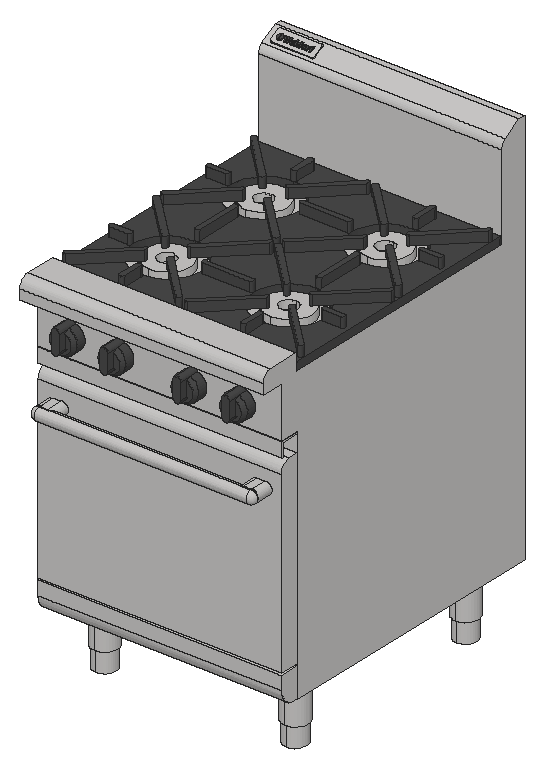
Revit family "QF_MOFFAT WALDORF_RN8410G", category Specialty Equipment, Revit 2012 (continued)
Automatic sketch dimensions
  curve 67 to curve 86 = 28.66 mm
  curve 70 to curve 93 = 28.66 mm
  curve 69 to curve 100 = 29.184 mm
  curve 68 to curve 92 = 29.184 mm
  curve 92 to curve 99 = 27.087 mm
  curve 86 to curve 88 = 28.206 mm
  curve 93 to curve 95 = 28.206 mm
  curve 100 to curve 69 = 27.816 mm
  curve 92 to curve 68 = 27.816 mm
  curve 70 to curve 96 = 27.613 mm
  curve 68 to curve 89 = 27.613 mm
  curve 69 to curve 97 = 28.14 mm
  curve 67 to curve 90 = 28.14 mm
  curve 70 to curve 98 = 27.732 mm
  curve 67 to curve 91 = 27.732 mm
  plane 8 "Center X" to curve 89 = 7.148 mm
  plane 8 "Center X" to curve 96 = 7.148 mm
  plane 8 "Center X" to curve 97 = 7.939 mm
  plane 8 "Center X" to curve 90 = 7.939 mm
  plane 8 "Center X" to curve 98 = 11.923 mm
  curve 91 to curve 76 = 6.153 mm
  curve 89 to curve 102 = 7.852 mm
  curve 98 to curve 83 = 6.153 mm
  curve 97 to curve 82 = 14.122 mm
  curve 90 to curve 75 = 14.122 mm
  curve 102 to curve 81 = 7.852 mm
  curve 102 to curve 74 = 7.852 mm
  curve 76 to curve 76 = 61.923 mm
  curve 83 to curve 83 = 61.923 mm
  curve 83 to curve 65 = 28 mm
  curve 76 to curve 63 = 28 mm
  curve 65 to curve 82 = 28.86 mm
  curve 64 to curve 75 = 28.86 mm
  curve 66 to curve 81 = 29.387 mm
  curve 63 to curve 74 = 29.387 mm
  curve 75 to curve 63 = 28.14 mm
  curve 82 to curve 66 = 28.14 mm
  curve 74 to curve 73 = 27.747 mm
  curve 81 to curve 80 = 27.747 mm
  curve 75 to curve 84 = 28.869 mm
  curve 65 to curve 85 = 27.816 mm
  curve 64 to curve 77 = 27.816 mm
  curve 63 to curve 71 = 28.34 mm
  curve 66 to curve 78 = 28.34 mm
  curve 63 to curve 72 = 28 mm
  curve 65 to curve 79 = 28 mm
  plane 11 to curve 78 = 6.034 mm
  plane 11 to curve 71 = 6.034 mm
  plane 11 to curve 77 = 6.427 mm
  plane 11 to curve 85 = 6.427 mm
  plane 11 to curve 72 = 8.67 mm
  plane 11 to curve 79 = 8.67 mm
  curve 71 to curve 101 = 23.966 mm
  curve 101 to curve 7 = 18.766 mm
  curve 10 to curve 41 = 19.218 mm
  plane 11 to curve 54 = 49.218 mm
  plane 11 to curve 29 = 49.218 mm
  curve 51 to curve 55 = 0 mm
  curve 25 to curve 28 = 0 mm
  curve 7 to curve 18 = 0.452 mm
  curve 55 to curve 59 = 0 mm
  curve 48 to curve 51 = 0 mm
  curve 21 to curve 24 = 0 mm
  curve 10 to curve 33 = 19.218 mm
  curve 46 to curve 47 = 0 mm
  curve 7 to curve 14 = 0.452 mm
  curve 38 to curve 41 = 0 mm
  plane 1 "BACK" to curve 62 = 20.984 mm
  curve 58 to curve 61 = 0 mm
  plane 1 "BACK" to curve 54 = 20.984 mm
  plane 1 "BACK" to curve 50 = 20.984 mm
  curve 46 to curve 49 = 0 mm
  plane 1 "BACK" to curve 42 = 20.984 mm
  curve 38 to curve 39 = 0 mm
  curve 34 to curve 35 = 0 mm
  curve 30 to curve 31 = 0 mm
  curve 26 to curve 27 = 0 mm
  plane 1 "BACK" to curve 22 = 20.984 mm
  curve 17 to curve 19 = 0 mm
  curve 13 to curve 15 = 0 mm
  curve 11 to curve 6 = 0.026 mm
  Extrusion 8 sketch curve to Extrusion 7 = 22.602 mm  (x4)
  Extrusion 8 sketch curve to Extrusion 7 = 25.296 mm  (x4)
  Extrusion 8 sketch curve to Extrusion 8 sketch curve = 4.525 mm  (x32)
  Extrusion 8 sketch curve to Extrusion 8 sketch curve = 51.204 mm  (x2)
  Extrusion 8 sketch curve to Extrusion 8 sketch curve = 54.025 mm  (x4)
  Extrusion 8 sketch curve to Extrusion 8 sketch curve = 0 mm  (x11)
  Extrusion 8 sketch curve to Extrusion 8 sketch curve = 20.524 mm  (x8)
  Extrusion 8 sketch curve to Extrusion 7 = 15.898 mm  (x2)
  Extrusion 8 sketch curve to Extrusion 8 sketch curve = 6.4 mm  (x12)
  Extrusion 8 sketch curve to Extrusion 8 sketch curve = 53.847 mm  (x16)
  Extrusion 8 sketch curve to Extrusion 8 sketch curve = 55.923 mm  (x10)
  Extrusion 8 sketch curve to Extrusion 8 sketch curve = 128.447 mm  (x6)
  Extrusion 8 sketch curve to Extrusion 7 = 5.102 mm  (x6)
  Extrusion 8 sketch curve to Extrusion 8 sketch curve = 12.205 mm  (x8)
  Extrusion 8 sketch curve to Extrusion 7 = 14.153 mm  (x2)
  Extrusion 8 sketch curve to Extrusion 8 sketch curve = 116.204 mm  (x4)
  Extrusion 8 sketch curve to Extrusion 8 sketch curve = 20.658 mm  (x2)
  Extrusion 8 sketch curve to Extrusion 7 = 31.653 mm  (x3)
  Extrusion 8 sketch curve to Extrusion 7 = 10.898 mm  (x2)
  Extrusion 8 sketch curve to Extrusion 8 sketch curve = 46.204 mm  (x3)
  Extrusion 8 sketch curve to Extrusion 8 sketch curve = 20.547 mm  (x2)
  Extrusion 8 sketch curve to Extrusion 8 sketch curve = 50.923 mm
  plane 4 "RIGHT" to Extrusion 18 sketch curve = 150 mm
  Extrusion 18 sketch curve to plane 1 "BACK" = 30.24 mm
  plane 4 "RIGHT" to Extrusion 18 sketch curve = 69 mm
  plane 10 to Extrusion 18 sketch curve = 133.5 mm
  plane 1 "BACK" to Extrusion 18 sketch curve = 38.76 mm
  plane 11 to Extrusion 18 sketch curve = 12.74 mm
  Extrusion 7 sketch curve to plane 14 = 20 mm  (x2)
  Extrusion 7 sketch curve to plane 8 "Center X" = 135.268 mm  (x2)
  Extrusion 1 to Extrusion 19 sketch curve = 167.5 mm
  Extrusion 1 to Extrusion 19 sketch curve = 168.75 mm
  Extrusion 19 sketch curve to Extrusion 19 sketch curve = 2.5 mm
  Extrusion 19 sketch curve to Extrusion 19 sketch curve = 3.75 mm
  Extrusion 19 sketch curve to Extrusion 1 = 167.5 mm  (x2)
  Extrusion 19 sketch curve to Extrusion 19 sketch curve = 1.875 mm
  Extrusion 19 sketch curve to Extrusion 19 sketch curve = 1.25 mm
  Extrusion 1 to Extrusion 19 sketch curve = 150 mm  (x4)
  Extrusion 19 sketch curve to Extrusion 19 sketch curve = 0 mm  (x4)
  curve 106 to curve 114 = 0.012 mm
  curve 114 to curve 106 = 23.719 mm
  curve 114 to curve 106 = 1.607 mm
  curve 117 to plane 14 = 20 mm
  curve 117 to curve 112 = 23.094 mm
  curve 116 to curve 113 = 0.982 mm
  curve 118 to plane 14 = 20 mm
  curve 118 to curve 66 = 25.862 mm
  curve 119 to curve 66 = 3.75 mm
  curve 120 to curve 121 = 0 mm  (x2)
  curve 121 to curve 64 = 0 mm
  curve 120 to curve 64 = 25.862 mm
  curve 121 to curve 64 = 3.75 mm
  Extrusion 20 sketch curve to plane 9 = 6.472 mm
  plane 12 "Base Height" to Extrusion 20 sketch curve = 458.125 mm  (x2)
  Extrusion 20 sketch curve to plane 10 = 5.257 mm
  Extrusion 20 sketch curve to Extrusion 20 sketch curve = 15 mm  (x2)
  Extrusion 20 sketch curve to Extrusion 20 sketch curve = 20.282 mm  (x2)
  Revolve 21 sketch curve to plane 3 "LEFT" = 6.961 mm
  plane 3 "LEFT" to Revolve 21 sketch curve = 23.246 mm
  Revolve 21 sketch curve to Revolve 21 sketch curve = 15 mm
  plane 4 "RIGHT" to Revolve 21 sketch curve = 39.461 mm
  Revolve 21 sketch curve to Revolve 21 sketch curve = 12.5 mm
  plane 12 "Base Height" to Revolve 21 sketch curve = 473.125 mm
  Revolve 21 sketch curve to Revolve 21 sketch curve = 0 mm
  radius of Extrusion 2 sketch curve = 13.5 mm
  radius of Extrusion 7 sketch curve = 85 mm  (x4)
  radius of Extrusion 19 sketch curve = 57 mm  (x4)
  radius of Extrusion 19 sketch curve = 22.112 mm  (x4)
Nested families
  nested 1: "RNL8400G-CB-CASTERS" at (65, -100, 0), Show Casters <- "Show Casters", visible <- "Show Casters", type "RNL8400G-CB-CASTERS"
    with Type Mark "", Status "", Specification by User "", Show Casters no, Revision Code "", Item Number "", Installed By "", Identify Quantity as Lot yes, Furnished By "", Foodservice Equipment Identifier yes
  nested 2: "RNL8400G-CB-CASTERS" at (535, -100, 0), Show Casters <- "Show Casters", visible <- "Show Casters", type "RNL8400G-CB-CASTERS"
    with Type Mark "", Status "", Specification by User "", Show Casters no, Revision Code "", Item Number "", Installed By "", Identify Quantity as Lot yes, Furnished By "", Foodservice Equipment Identifier yes
  nested 3: "WALDORF LOGO" at (12.5, -36.099, 1102.127), visible <- "Show Logo", type "WALDORF LOGO", detail levels medium+fine
    with Type Mark "", Status "", Specification by User "", Show Logo yes, Revision Code "", Item Number "", Installed By "", Identify Quantity as Lot yes, Furnished By "", Foodservice Equipment Identifier yes
Connectors
  piping at (470.063, -32, 655)
    settings: on Extrusion 2, index 1, connector radius 0.37402", flow factor 0, pipe flow 0 GPM, pressure drop 0.00 psi, fitting loss kfactor 0, connector angle 0.00°, fixture units 0, engagement length 0 mm, flow configuration 1, flow direction 1, fitting loss method 0, system type 7, joint type 0, gender type 0, connector reference index -1, connector utility 0, adjustable connector no, is connector primary yes, fitting loss table "", connector description "GAS CONNECTION"
Definition of nested family "WALDORF LOGO"
  Parameters (values of type "BT8300-CB-LOGO")
    Weight in Pounds = 0
    URL Cutsheet = ""
    Type Mark [instance] = ""
    Status [instance] = ""
    Specification by User [instance] = ""
    Specification by Manufacturer = ""
    Show Logo [instance] = yes
    Serial Number = ""
    Seismic Rating = ""
    SMACNA No = ""
    Revision Code [instance] = ""
    Omniclass Number and Title = ""
    NAFEM Spec ID Number = ""
    Masterspec = ""
    Item Number [instance] = ""
    Installed By [instance] = ""
    Identify Quantity as Lot [instance] = yes
    Furnished By [instance] = ""
    Foodservice Equipment Identifier [instance] = yes
    CSI MasterFormat = ""
    CSI Master Format = ""
  Reference planes
    plane 1 "BACK": y = 0
    plane 2: z = 0
    plane 3 "LEFT": x = 0
    plane 4 "RIGHT": x = 109
    plane 5 "FRONT": y = -1.588
    plane 6 "TOP": z = 34.14
    plane 7 "Center Y": x = 54.5
    plane 8 "Center X": y = -0.794
  Forms (mm)
    Extrusion 1, solid, material "QF_Finishes_Stainless Steel", visible <- "Show Logo"
      sketch origin (0, -15.16, 7.701) x (1, 0, 0) y (0, 0.863373, 0.504566)
        loop
          arc (5, 34.14) -> (1.464, 32.676) -> (0, 29.14) r 5
          line (0, 29.14) -> (0, 5)
          arc (0, 5) -> (1.464, 1.464) -> (5, 0) r 5
          line (5, 0) -> (104, 0)
          arc (104, 0) -> (107.536, 1.464) -> (109, 5) r 5
          line (109, 5) -> (109, 29.14)
          arc (109, 29.14) -> (107.536, 32.676) -> (104, 34.14) r 5
          line (104, 34.14) -> (5, 34.14)
      from 0 to 1.588
    Extrusion 2, solid, material "QF_Finishes_Black", visible <- "Show Logo"
      sketch origin (0, -15.961, 9.072) x (1, 0, 0) y (0, 0.863373, 0.504566)
        loop
          line (24.772, 23.214) -> (27.992, 10.301) -> (31.551, 10.301) -> (33.443, 17.364) -> (35.205, 10.301) -> (39.332, 10.301) -> (42.077, 23.214) -> (38.352, 23.214) -> (36.676, 15.33) -> (35, 23.214) -> (31.752, 23.214) -> (30.076, 15.33) -> (28.4, 23.214) -> (24.772, 23.214)
        loop
          line (42.272, 17.055) -> (45.703, 17.055)
          spline (45.703, 17.055) -> (45.741, 17.285) -> (45.852, 17.499) -> (46.028, 17.682) -> (46.258, 17.823) -> (46.526, 17.912) -> (46.813, 17.942) -> (47.1, 17.912) -> (47.368, 17.823) -> (47.597, 17.682) -> (47.774, 17.499) -> (47.884, 17.285) -> (47.922, 17.055)
          line (47.922, 17.055) -> (47.922, 16.222)
          arc (47.922, 16.222) -> (45.742, 16.014) -> (43.665, 15.317) r 9.604
          arc (43.665, 15.317) -> (41.924, 12.809) -> (43.665, 10.301) r 2.677
          arc (43.665, 10.301) -> (45.527, 10.353) -> (47.332, 10.816) r 8.365
          line (47.332, 10.816) -> (48.092, 11.105) -> (48.092, 10.301) -> (51.817, 10.301) -> (51.817, 17.055)
          spline (51.817, 17.055) -> (51.654, 17.821) -> (51.178, 18.535) -> (50.419, 19.148) -> (49.431, 19.619) -> (48.28, 19.914) -> (47.044, 20.015) -> (45.809, 19.914) -> (44.658, 19.619) -> (43.67, 19.148) -> (42.911, 18.535) -> (42.434, 17.821) -> (42.272, 17.055)
        loop
          line (53.151, 23.214) -> (53.151, 10.301) -> (57.37, 10.301) -> (57.37, 23.214) -> (53.151, 23.214)
        loop
          line (64.874, 23.214) -> (64.874, 18.857)
          arc (64.874, 18.857) -> (58.083, 15.11) -> (64.874, 11.363) r 4.429
          line (64.874, 11.363) -> (64.874, 10.301) -> (68.378, 10.301) -> (68.378, 23.214) -> (64.874, 23.214)
        loop
          arc (64.874, 16.083) -> (61.41, 14.987) -> (64.874, 13.891) r 1.905
          line (64.874, 13.891) -> (64.874, 16.083)
        loop
          circle (74.623, 15.223) r 5
        loop
          spline (74.623, 17.856) -> (74.355, 17.766) -> (74.105, 17.503) -> (73.891, 17.084) -> (73.726, 16.539) -> (73.623, 15.904) -> (73.588, 15.223) -> (73.623, 14.541) -> (73.726, 13.906) -> (73.891, 13.361) -> (74.105, 12.942) -> (74.355, 12.679) -> (74.623, 12.59)
          spline (74.623, 12.59) -> (74.891, 12.679) -> (75.141, 12.942) -> (75.355, 13.361) -> (75.52, 13.906) -> (75.623, 14.541) -> (75.659, 15.223) -> (75.623, 15.904) -> (75.52, 16.539) -> (75.355, 17.084) -> (75.141, 17.503) -> (74.891, 17.766) -> (74.623, 17.856)
        loop
          line (81.255, 19.813) -> (81.255, 10.301) -> (84.834, 10.301) -> (84.834, 14.176)
          arc (84.834, 14.176) -> (85.854, 16.093) -> (88.013, 16.32) r 2.313
          line (88.013, 16.32) -> (88.013, 19.813) -> (87.161, 19.813)
          arc (87.161, 19.813) -> (85.526, 19.266) -> (84.549, 17.844) r 2.717
          line (84.549, 17.844) -> (84.549, 19.813) -> (81.255, 19.813)
        loop
          line (90.249, 19.813) -> (88.91, 19.813) -> (88.91, 17.614) -> (90.249, 17.614) -> (90.249, 10.301) -> (93.998, 10.301) -> (93.998, 17.614) -> (95.418, 17.614) -> (95.418, 19.813) -> (93.998, 19.813)
          arc (93.998, 19.813) -> (94.414, 20.817) -> (95.418, 21.233) r 1.42
          line (95.418, 21.233) -> (95.418, 23.602) -> (93.317, 23.602)
          arc (93.317, 23.602) -> (91.343, 22.903) -> (90.249, 21.118) r 3.137
          line (90.249, 21.118) -> (90.249, 19.813)
        loop
          arc (15.241, 23.571) -> (8.392, 16.525) -> (15.241, 9.479) r 7.049
          line (15.241, 9.479) -> (15.241, 23.571)
        loop
          line (15.641, 23.571) -> (15.641, 9.479)
          arc (15.641, 9.479) -> (22.49, 16.525) -> (15.641, 23.571) r 7.049
        loop
          arc (47.922, 14.711) -> (46.266, 13.749) -> (47.922, 12.787) r 1.107
          line (47.922, 12.787) -> (47.922, 14.711)
      from 0 to 0.2
  Dimensions and locks
    equal spacing: plane 3 "LEFT", plane 7 "Center Y", plane 4 "RIGHT"
    plane 3 "LEFT" to plane 4 "RIGHT" = 109 mm
    equal spacing: plane 5 "FRONT", plane 8 "Center X", plane 1 "BACK"
    plane 5 "FRONT" to plane 1 "BACK" = 1.588 mm
    aligned and locked: level to plane 2
  Automatic sketch dimensions
    Extrusion 1 sketch curve to plane 3 "LEFT" = 0 mm
    Extrusion 1 sketch curve to plane 4 "RIGHT" = 0 mm
    plane 3 "LEFT" to Extrusion 1 sketch curve = 5 mm  (x2)
    plane 4 "RIGHT" to Extrusion 1 sketch curve = 5 mm  (x2)
    Extrusion 1 sketch curve to Extrusion 1 sketch curve = 24.14 mm
    Extrusion 2 sketch curve to Extrusion 2 sketch curve = 0 mm  (x14)
    Extrusion 2 sketch curve to Extrusion 1 = 15.241 mm
    Extrusion 2 sketch curve to Extrusion 2 sketch curve = 0.2 mm
    Extrusion 2 sketch curve to Extrusion 2 sketch curve = 0.4 mm
    Extrusion 2 sketch curve to Extrusion 2 sketch curve = 9.131 mm
    Extrusion 2 sketch curve to Extrusion 1 = 10.301 mm  (x2)
    Extrusion 2 sketch curve to Extrusion 2 sketch curve = 12.351 mm
    Extrusion 2 sketch curve to Extrusion 2 sketch curve = 3.628 mm
    Extrusion 2 sketch curve to Extrusion 2 sketch curve = 2.084 mm
    Extrusion 2 sketch curve to Extrusion 2 sketch curve = 3.559 mm
    Extrusion 2 sketch curve to Extrusion 1 = 10.926 mm  (x2)
    Extrusion 2 sketch curve to Extrusion 2 sketch curve = 3.352 mm  (x2)
    Extrusion 2 sketch curve to Extrusion 2 sketch curve = 3.367 mm
    Extrusion 2 sketch curve to Extrusion 2 sketch curve = 3.249 mm
    Extrusion 2 sketch curve to Extrusion 2 sketch curve = 3.654 mm
    Extrusion 2 sketch curve to Extrusion 1 = 15.33 mm
    Extrusion 2 sketch curve to Extrusion 2 sketch curve = 3.233 mm
    Extrusion 2 sketch curve to Extrusion 2 sketch curve = 4.128 mm
    Extrusion 2 sketch curve to Extrusion 2 sketch curve = 3.725 mm
    Extrusion 2 sketch curve to Extrusion 2 sketch curve = 5.596 mm
    Extrusion 2 sketch curve to Extrusion 2 sketch curve = 4.333 mm
    Extrusion 2 sketch curve to Extrusion 2 sketch curve = 1.394 mm
    Extrusion 2 sketch curve to Extrusion 2 sketch curve = 2.092 mm
    Extrusion 2 sketch curve to Extrusion 2 sketch curve = 0.936 mm
    Extrusion 2 sketch curve to Extrusion 2 sketch curve = 1.34 mm
    Extrusion 2 sketch curve to Extrusion 2 sketch curve = 1.109 mm
    Extrusion 2 sketch curve to Extrusion 2 sketch curve = 0.232 mm
    Extrusion 2 sketch curve to Extrusion 2 sketch curve = 2.731 mm
    Extrusion 2 sketch curve to Extrusion 2 sketch curve = 0.549 mm  (x2)
    Extrusion 2 sketch curve to Extrusion 2 sketch curve = 0.407 mm
    Extrusion 2 sketch curve to Extrusion 2 sketch curve = 0.76 mm
    Extrusion 2 sketch curve to Extrusion 2 sketch curve = 1.334 mm
    Extrusion 2 sketch curve to Extrusion 2 sketch curve = 4.219 mm
    Extrusion 2 sketch curve to Extrusion 2 sketch curve = 5.142 mm
    Extrusion 2 sketch curve to Extrusion 2 sketch curve = 0.803 mm
    Extrusion 2 sketch curve to Extrusion 2 sketch curve = 1.558 mm
    Extrusion 2 sketch curve to Extrusion 2 sketch curve = 3.504 mm
    Extrusion 2 sketch curve to Extrusion 2 sketch curve = 6.245 mm
    Extrusion 2 sketch curve to Extrusion 2 sketch curve = 6.632 mm
    Extrusion 2 sketch curve to Extrusion 2 sketch curve = 3.294 mm
    Extrusion 2 sketch curve to Extrusion 2 sketch curve = 3.579 mm
    Extrusion 2 sketch curve to Extrusion 2 sketch curve = 2.313 mm
    Extrusion 2 sketch curve to Extrusion 2 sketch curve = 2.612 mm
    Extrusion 2 sketch curve to Extrusion 2 sketch curve = 0.852 mm
    Extrusion 2 sketch curve to Extrusion 2 sketch curve = 0.897 mm
    Extrusion 2 sketch curve to Extrusion 2 sketch curve = 3.102 mm
    Extrusion 2 sketch curve to Extrusion 2 sketch curve = 1.338 mm
    Extrusion 2 sketch curve to Extrusion 2 sketch curve = 3.068 mm
    Extrusion 2 sketch curve to Extrusion 2 sketch curve = 0.681 mm
    Extrusion 2 sketch curve to Extrusion 2 sketch curve = 3.749 mm
    Extrusion 2 sketch curve to Extrusion 2 sketch curve = 1.42 mm
    Extrusion 2 sketch curve to Extrusion 2 sketch curve = 5.029 mm  (x2)
    Extrusion 2 sketch curve to Extrusion 1 = 9.479 mm
    Extrusion 2 sketch curve to Extrusion 2 sketch curve = 3.681 mm
    Extrusion 2 sketch curve to Extrusion 2 sketch curve = 0.515 mm
    Extrusion 2 sketch curve to Extrusion 2 sketch curve = 0.804 mm
    Extrusion 2 sketch curve to Extrusion 2 sketch curve = 1.062 mm
    Extrusion 2 sketch curve to Extrusion 2 sketch curve = 1.682 mm
    Extrusion 2 sketch curve to Extrusion 2 sketch curve = 2.508 mm
    Extrusion 2 sketch curve to Extrusion 2 sketch curve = 0.962 mm
    Extrusion 2 sketch curve to Extrusion 2 sketch curve = 2.528 mm
    Extrusion 2 sketch curve to Extrusion 2 sketch curve = 3.875 mm
    Extrusion 2 sketch curve to Extrusion 2 sketch curve = 1.096 mm
    Extrusion 2 sketch curve to Extrusion 2 sketch curve = 0.123 mm
    Extrusion 2 sketch curve to Extrusion 2 sketch curve = 4.922 mm
    Extrusion 2 sketch curve to Extrusion 2 sketch curve = 7.046 mm
    Extrusion 2 sketch curve to Extrusion 2 sketch curve = 0.833 mm
    Extrusion 2 sketch curve to Extrusion 2 sketch curve = 0.776 mm
    Extrusion 2 sketch curve to Extrusion 2 sketch curve = 2.034 mm
    Extrusion 2 sketch curve to Extrusion 2 sketch curve = 7.314 mm
    Extrusion 2 sketch curve to Extrusion 2 sketch curve = 1.295 mm
    Extrusion 2 sketch curve to Extrusion 2 sketch curve = 0.749 mm
    Extrusion 2 sketch curve to Extrusion 2 sketch curve = 2.633 mm
    Extrusion 2 sketch curve to Extrusion 2 sketch curve = 2.198 mm  (x2)
    Extrusion 2 sketch curve to Extrusion 2 sketch curve = 1.968 mm
    Extrusion 2 sketch curve to Extrusion 2 sketch curve = 0.653 mm
    Extrusion 2 sketch curve to Extrusion 2 sketch curve = 1.305 mm
    Extrusion 2 sketch curve to Extrusion 2 sketch curve = 4.357 mm
    Extrusion 2 sketch curve to Extrusion 2 sketch curve = 6.159 mm
    radius of Extrusion 2 sketch curve = 5 mm
Definition of nested family "RNL8400G-CB-CASTERS"
  Parameters (values of type "BTL8450-CB-CASTERS")
    Weight = ""
    URL Manufacturer = ""
    URL Cutsheet = ""
    URL = ""
    Type Mark [instance] = ""
    Status [instance] = ""
    Specification by User [instance] = ""
    Specification by Manufacturer = ""
    Show Casters [instance] = no
    Serial Number = ""
    Seismic Rating = ""
    SMACNA No = ""
    Revision Code [instance] = ""
    Omniclass Number and Title = ""
    NAFEM Spec ID Number = ""
    Model = ""
    MasterSpec. = ""
    Manufacturer = ""
    Item Number [instance] = ""
    Installed By [instance] = ""
    Identify Quantity as Lot [instance] = yes
    Furnished By [instance] = ""
    Foodservice Equipment Identifier [instance] = yes
    Description = ""
    CSI MasterFormat = ""
    CSI Master Format = ""
    Assembly Code = ""
  Reference planes
    plane 1: z = 0
    plane 2 "RIGHT": x = 0
    plane 3 "FRONT": y = 0
    plane 4 "TOP": z = 177.8
  Forms (mm)
    Revolve 1, solid, material "QF_Finishes_Stainless Steel", visible <- "Show Casters"
      sketch origin (0, 56.335, 0) x (0, 1, 0) y (0, 0, 1)
        loop
          line (-56.335, 152.4) -> (-56.335, 141.118) -> (-23.798, 141.118) -> (-23.798, 152.4) -> (-56.335, 152.4)
        axis (-56.335, 141.118) -> (-56.335, 152.4)
      angle from 0 to 360
    Extrusion 2, solid, material "QF_Finishes_Stainless Steel", visible <- "Show Casters"
      sketch origin (-46.049, 56.335, 0) x (0, 1, 0) y (0, 0, 1)
        loop
          line (-85.799, 141.118) -> (-85.799, 133.498) -> (-82.136, 133.498)
          arc (-82.136, 133.498) -> (-79.344, 132.328) -> (-77.146, 130.248) r 8.432
          line (-77.146, 130.248) -> (-39.502, 49.52)
          arc (-39.502, 49.52) -> (-13.784, 46.107) -> (-5.673, 70.75) r 20.32
          arc (-5.673, 70.75) -> (-7.065, 73.611) -> (-8.887, 76.22) r 20.32
          arc (-8.887, 76.22) -> (-9.399, 85.377) -> (-6.626, 94.119) r 25.4
          line (-6.626, 94.119) -> (8.003, 121.632)
          arc (8.003, 121.632) -> (-2.347, 126.31) -> (-13.34, 129.167) r 66.802
          line (-13.34, 129.167) -> (-13.765, 133.498) -> (-26.871, 133.498) -> (-26.871, 141.118) -> (-85.799, 141.118)
      from 20.058 to 22.923
    Extrusion 3, solid, material "QF_Finishes_Stainless Steel", visible <- "Show Casters"
      sketch origin (3.326, 56.335, 0) x (0, 1, 0) y (0, 0, 1)
        loop
          line (-85.799, 141.118) -> (-85.799, 133.498) -> (-82.136, 133.498)
          arc (-82.136, 133.498) -> (-79.344, 132.328) -> (-77.146, 130.248) r 8.432
          line (-77.146, 130.248) -> (-39.502, 49.52)
          arc (-39.502, 49.52) -> (-13.784, 46.107) -> (-5.673, 70.75) r 20.32
          arc (-5.673, 70.75) -> (-7.065, 73.611) -> (-8.887, 76.22) r 20.32
          arc (-8.887, 76.22) -> (-9.399, 85.377) -> (-6.626, 94.119) r 25.4
          line (-6.626, 94.119) -> (8.003, 121.632)
          arc (8.003, 121.632) -> (-2.347, 126.31) -> (-13.34, 129.167) r 66.802
          line (-13.34, 129.167) -> (-13.765, 133.498) -> (-26.871, 133.498) -> (-26.871, 141.118) -> (-85.799, 141.118)
      from 20.058 to 22.923
    Extrusion 4, solid, material "QF_Finishes_Stainless Steel", visible <- "Show Casters"
      sketch origin (-49.224, 56.335, 0) x (0, 1, 0) y (0, 0, 1)
        loop
          line (-85.799, 141.118) -> (-85.799, 133.498) -> (-82.136, 133.498) -> (-18.877, 127.964) -> (7.14, 120.01) -> (8.003, 121.632)
          arc (8.003, 121.632) -> (-2.347, 126.31) -> (-13.34, 129.167) r 66.802
          line (-13.34, 129.167) -> (-13.765, 133.498) -> (-26.871, 133.498) -> (-26.871, 141.118) -> (-85.799, 141.118)
      from 26.098 to 72.56
    Revolve 5, solid, material "QF_Finishes_Stainless Steel", visible <- "Show Casters"
      sketch origin (-49.224, 30.821, 0) x (1, 0, 0) y (0, 0, 1)
        loop
          line (14.841, 63.604) -> (83.584, 63.604) -> (83.584, 67.109) -> (82.314, 68.379) -> (80.79, 68.379) -> (80.79, 71.826) -> (68.644, 71.826) -> (68.644, 81.79) -> (65.088, 83.843) -> (61.683, 104.879) -> (65.881, 104.879) -> (65.881, 111.229) -> (65.088, 111.229) -> (65.088, 117.579)
          arc (65.088, 117.579) -> (62.298, 124.314) -> (55.563, 127.104) r 9.525
          line (55.563, 127.104) -> (42.863, 127.104)
          arc (42.863, 127.104) -> (36.127, 124.314) -> (33.338, 117.579) r 9.525
          line (33.338, 117.579) -> (33.338, 111.229) -> (32.544, 111.229) -> (32.544, 104.879) -> (36.742, 104.879) -> (33.352, 83.932) -> (29.782, 81.871) -> (29.782, 71.826) -> (17.635, 71.826) -> (17.635, 68.379) -> (16.111, 68.379) -> (14.841, 67.109) -> (14.841, 63.604)
        axis (14.841, 63.604) -> (83.584, 63.604)
      angle from 0 to 360
  Cuts and joins
    joined: Extrusion 2, Extrusion 3, Extrusion 4
  Lines and regions (mm)
    symbolic lines, style "SpecialityEquipmentHiddenLines", visible <- "Show Casters"
      curve 1: line (18.009, 67.053, 0) -> (45.595, 51.127, 0)
      curve 2: line (-45.491, -42.932, 0) -> (18.009, 67.053, 0)
      curve 3: line (-17.905, -58.859, 0) -> (-45.491, -42.932, 0)
      curve 4: line (45.595, 51.127, 0) -> (-17.905, -58.859, 0)
  Dimensions and locks
    plane 4 "TOP" to level = 177.8 mm  (x2)
    Revolve 5 sketch curve to Revolve 5 sketch curve = 63.5 mm
    aligned and locked: level to plane 1
